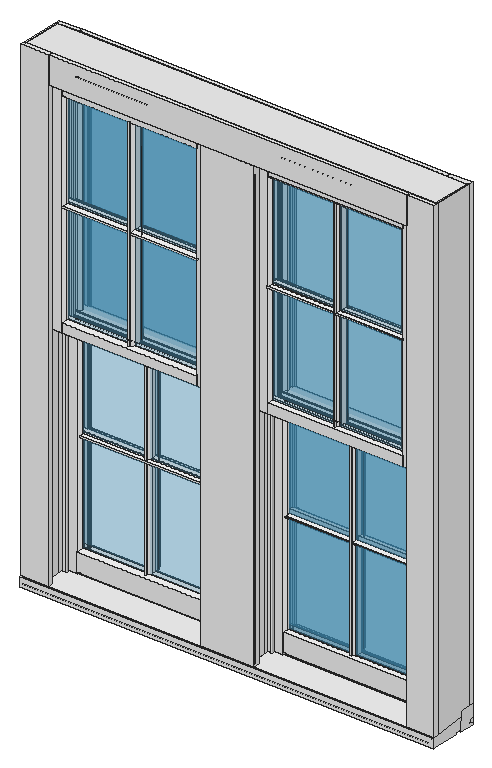
Revit family "B2-44", category Windows, host Wall, Revit 2012 (continued)
Forms (mm)
  Sweep 96, solid, material "Matel" <- "metal", detail levels fine
    profile origin (-374.1, 0, 694.5) x (0, 0, 1) y (0, -1, 0)
      loop
        line (10.277, -17.161) -> (2.828, -9.007) -> (2.828, -7.007) -> (-2.172, -7.007) -> (-2.172, -9.007) -> (-9.723, -19.961) -> (10.277, -19.961) -> (10.277, -17.161)
  Sweep 97, solid, material "Matel" <- "metal", detail levels fine
    path origin (-3978.79, 0, 685.091) x (0, 0, 1) y (1, 0, 0)
      loop
        line (9.409, 3351.835) -> (9.409, 3844.546)
    profile origin (-380.6, 0, 694.5) x (0, 0, 1) y (0, -1, 0)
      loop
        line (-9.723, -43.235) -> (10.277, -43.235) -> (10.277, -27.235) -> (-9.723, -27.235) -> (-9.723, -43.235)
  Sweep 98, solid, material "Matel" <- "metal", detail levels fine
    path origin (3978.79, 0, 685.091) x (0, 0, 1) y (-1, 0, 0)
      loop
        line (9.409, 3351.835) -> (9.409, 3844.546)
    profile origin (380.6, 0, 694.5) x (0, 0, -1) y (0, -1, 0)
      loop
        line (1.339, -43.235) -> (1.339, -27.235) -> (-18.661, -27.235) -> (-18.661, -43.235) -> (1.339, -43.235)
  Sweep 99, solid, material "Matel" <- "metal", detail levels fine
    path origin (-3230.591, 0, 685.091) x (0, 0, -1) y (1, 0, 0)
      loop
        line (-9.409, 3357.836) -> (-9.409, 3851.546)
    profile origin (374.1, 0, 694.5) x (0, 0, 1) y (0, -1, 0)
      loop
        line (10.277, -46.346) -> (-9.723, -46.346) -> (-9.723, -52.346) -> (-7.723, -52.346) -> (-7.723, -54.846) -> (-2.223, -62.346) -> (-2.223, -64.346) -> (2.777, -64.346) -> (2.777, -62.346) -> (8.277, -54.846) -> (8.277, -52.346) -> (10.277, -52.346) -> (10.277, -46.346)
      loop
        line (10.277, -17.161) -> (2.828, -9.007) -> (2.828, -7.007) -> (-2.172, -7.007) -> (-2.172, -9.007) -> (-9.723, -19.961) -> (10.277, -19.961) -> (10.277, -17.161)
Cuts and joins
  Sweep 90 cuts Sweep 4
  Sweep 90 cuts Sweep 5
  Sweep 90 cuts Sweep 6
  Sweep 90 cuts Sweep 7
  Sweep 90 cuts Sweep 8
  Sweep 90 cuts Sweep 9
  Sweep 90 cuts Sweep 10
  Sweep 90 cuts Sweep 14
  Sweep 90 cuts Sweep 15
  Sweep 90 cuts Sweep 16
  Sweep 90 cuts Sweep 17
  Sweep 90 cuts Sweep 18
  Sweep 90 cuts Sweep 19
  Sweep 90 cuts Sweep 20
  Sweep 90 cuts Sweep 23
  Sweep 90 cuts Sweep 43
  Sweep 90 cuts Sweep 44
  Sweep 90 cuts Sweep 45
  Sweep 90 cuts Sweep 46
  Sweep 90 cuts Sweep 47
  Sweep 90 cuts Sweep 50
  Sweep 90 cuts Sweep 52
  Sweep 90 cuts Sweep 54
  Sweep 90 cuts Sweep 57
  Sweep 90 cuts Sweep 79
  Sweep 90 cuts Sweep 80
  Sweep 90 cuts Sweep 81
  Sweep 90 cuts Sweep 82
  Sweep 90 cuts Sweep 83
Lines and regions (mm)
  Opening 1
    outline origin (-1524, -87, 0) x (1, 0, 0) y (0, 0, 1)
      loop
        line (771, 1970) -> (771, 200) -> (2277, 200) -> (2277, 1970) -> (771, 1970)
  model lines
    curve 1: line (-122.245, 0, 1085) -> (-627.205, 0, 1085)
    curve 2: line (-122.245, 0, 1085) -> (-627.205, 0, 1085)
Text (mm)
  text "EXTERIOR" at (-1490.695, 1293.036, 0), in view "Ref. Level"
  text "INTERIOR" at (-1490.695, -959.266, 0), in view "Ref. Level"
  text "Exterior" at (0, 1108.87, 3129.179), in view "Left"
  text "Exterior" at (0, 464.664, 3176.206), in view "Right"
Dimensions and locks
  equal spacing: plane 4 "Left", plane 3 "Center (Left/Right)", plane 5 "Right"  (x2)
  "Height": plane 6 "Sill" to plane 7 "Top"
  "Default Sill Height": plane 2 to plane 6 "Sill"
  plane 6 "Sill" to plane 7 "Top" = 1770 mm
  "Width": plane 4 "Left" to plane 5 "Right"
  equal spacing: plane 6 "Sill", plane 9, plane 7 "Top"
  locked: plane 4 "Left" to plane 11 at 100
  locked: plane 10 to plane 5 "Right" at 100
  locked: plane 13 to plane 5 "Right" at 126.045
  locked: plane 4 "Left" to plane 12 at 126.045
  locked: plane 14 to plane 7 "Top" at 126
  locked: plane 6 "Sill" to plane 15 at 126
  locked: plane 16 to plane 7 "Top" at 100
  locked: plane 6 "Sill" to plane 18 at 33
  locked: plane 19 to plane 7 "Top" at 82
  locked: plane 6 "Sill" to plane 20 at 68
  locked: plane 3 "Center (Left/Right)" to plane 21 at 68
  locked: plane 5 "Right" to plane 22 at 82
  locked: plane 3 "Center (Left/Right)" to plane 23 at 78
  plane 25 to plane 9 = 22 mm
  plane 9 to plane 24 = 22 mm
  Sweep 21 sketch curve to Sweep 21 sketch curve = 25 mm
  locked: Sweep 21 sketch curve to Sweep 21 sketch curve at 6  (x2)
  locked: Sweep 21 sketch curve to Sweep 21 sketch curve at 42
  Sweep 21 sketch curve to Sweep 21 sketch curve = 16 mm
  locked: Sweep 21 sketch curve to Sweep 21 sketch curve at 12
  locked: Sweep 21 sketch curve to Sweep 21 sketch curve at 2
  locked: Sweep 21 sketch curve to Sweep 21 sketch curve at 3  (x3)
  locked: Sweep 21 sketch curve to Sweep 21 sketch curve at 29
  locked: Sweep 21 sketch curve to Sweep 21 sketch curve at 10
  locked: Sweep 21 sketch curve to Sweep 21 sketch curve at 16
  locked: Sweep 21 sketch curve to Sweep 21 sketch curve at 19
  locked: Sweep 21 sketch curve to Sweep 21 sketch curve at 5
  locked: Sweep 21 sketch curve to Sweep 21 sketch curve at 4  (x2)
  locked: Sweep 22 sketch curve to Sweep 22 sketch curve at 2  (x3)
  locked: Sweep 22 sketch curve to Sweep 22 sketch curve at 12
  locked: Sweep 22 sketch curve to Sweep 22 sketch curve at 9.301  (x2)
  locked: Sweep 22 sketch curve to Sweep 22 sketch curve at 5  (x2)
  locked: Sweep 22 sketch curve to Sweep 22 sketch curve at 12.954
  locked: plane 3 "Center (Left/Right)" to plane 26 at 122.245
  locked: plane 3 "Center (Left/Right)" to plane 27 at 122.245
  locked: Sweep 26 sketch curve to Sweep 26 sketch curve at 2  (x3)
  locked: Sweep 26 sketch curve to Sweep 26 sketch curve at 12
  locked: Sweep 26 sketch curve to Sweep 26 sketch curve at 9.301  (x2)
  locked: Sweep 26 sketch curve to Sweep 26 sketch curve at 5  (x2)
  locked: Sweep 26 sketch curve to Sweep 26 sketch curve at 12.954
  locked: Sweep 29 sketch curve to Sweep 29 sketch curve at 2  (x3)
  locked: Sweep 29 sketch curve to Sweep 29 sketch curve at 12
  locked: Sweep 29 sketch curve to Sweep 29 sketch curve at 9.301  (x2)
  locked: Sweep 29 sketch curve to Sweep 29 sketch curve at 5  (x2)
  locked: Sweep 29 sketch curve to Sweep 29 sketch curve at 12.954
  locked: Sweep 30 sketch curve to Sweep 30 sketch curve at 2  (x3)
  locked: Sweep 30 sketch curve to Sweep 30 sketch curve at 12
  locked: Sweep 30 sketch curve to Sweep 30 sketch curve at 9.301  (x2)
  locked: Sweep 30 sketch curve to Sweep 30 sketch curve at 5  (x2)
  locked: Sweep 30 sketch curve to Sweep 30 sketch curve at 12.954
  equal spacing: plane 3 "Center (Left/Right)", plane 28, plane 4 "Left"
  locked: Extrusion 59 to Extrusion 59 at 4
  locked: Extrusion 60 to Extrusion 60 at 4
  locked: Extrusion 61 to Extrusion 61 at 4
  locked: Extrusion 62 to Extrusion 62 at 4
  locked: Extrusion 63 to Extrusion 63 at 4
  locked: Extrusion 64 to Extrusion 64 at 4
  locked: Extrusion 65 to Extrusion 65 at 4
  locked: Extrusion 66 to Extrusion 66 at 4
  locked: Extrusion 67 to Extrusion 67 at 4
  locked: Extrusion 68 to Extrusion 68 at 4
  locked: Extrusion 69 to Extrusion 69 at 4
  locked: Extrusion 70 to Extrusion 70 at 4
  locked: Extrusion 71 to Extrusion 71 at 4
  locked: Extrusion 72 to Extrusion 72 at 4
  locked: Extrusion 73 to Extrusion 73 at 4
  locked: Extrusion 74 to Extrusion 74 at 4
  locked: Extrusion 75 to Extrusion 75 at 4
  locked: Extrusion 76 to Extrusion 76 at 4
  locked: Extrusion 77 to Extrusion 77 at 4
  locked: Extrusion 78 to Extrusion 78 at 4
  locked: plane 30 to plane 7 "Top" at 86
  Sweep 87 sketch curve to Sweep 87 sketch curve = 25 mm
  locked: Sweep 87 sketch curve to Sweep 87 sketch curve at 6  (x2)
  locked: Sweep 87 sketch curve to Sweep 87 sketch curve at 42
  Sweep 87 sketch curve to Sweep 87 sketch curve = 16 mm
  locked: Sweep 87 sketch curve to Sweep 87 sketch curve at 12
  locked: Sweep 87 sketch curve to Sweep 87 sketch curve at 2
  locked: Sweep 87 sketch curve to Sweep 87 sketch curve at 3  (x3)
  locked: Sweep 87 sketch curve to Sweep 87 sketch curve at 29
  locked: Sweep 87 sketch curve to Sweep 87 sketch curve at 10
  locked: Sweep 87 sketch curve to Sweep 87 sketch curve at 16
  locked: Sweep 87 sketch curve to Sweep 87 sketch curve at 19
  locked: Sweep 87 sketch curve to Sweep 87 sketch curve at 5
  locked: Sweep 87 sketch curve to Sweep 87 sketch curve at 4  (x2)
  Sweep 12 to Sweep 26 sketch curve = 23.632 mm
  equal spacing: plane 27, plane 29, plane 13
  locked: Sweep 92 sketch curve to Sweep 92 sketch curve at 2  (x3)
  locked: Sweep 92 sketch curve to Sweep 92 sketch curve at 12
  locked: Sweep 92 sketch curve to Sweep 92 sketch curve at 9.301  (x2)
  locked: Sweep 92 sketch curve to Sweep 92 sketch curve at 5  (x2)
  locked: Sweep 92 sketch curve to Sweep 92 sketch curve at 12.954
  equal spacing: plane 24, plane 31, plane 14
  equal spacing: plane 15, plane 32, plane 25
  locked: Sweep 95 sketch curve to Sweep 95 sketch curve at 2  (x3)
  locked: Sweep 95 sketch curve to Sweep 95 sketch curve at 12
  locked: Sweep 95 sketch curve to Sweep 95 sketch curve at 9.301  (x2)
  locked: Sweep 95 sketch curve to Sweep 95 sketch curve at 5  (x2)
  locked: Sweep 95 sketch curve to Sweep 95 sketch curve at 12.954
  locked: Sweep 96 sketch curve to Sweep 96 sketch curve at 2  (x3)
  locked: Sweep 96 sketch curve to Sweep 96 sketch curve at 12
  locked: Sweep 96 sketch curve to Sweep 96 sketch curve at 9.301  (x2)
  locked: Sweep 96 sketch curve to Sweep 96 sketch curve at 5  (x2)
  locked: Sweep 96 sketch curve to Sweep 96 sketch curve at 12.954
  locked: Sweep 99 sketch curve to Sweep 99 sketch curve at 2  (x3)
  locked: Sweep 99 sketch curve to Sweep 99 sketch curve at 12
  locked: Sweep 99 sketch curve to Sweep 99 sketch curve at 9.301  (x2)
  locked: Sweep 99 sketch curve to Sweep 99 sketch curve at 5  (x2)
  locked: Sweep 99 sketch curve to Sweep 99 sketch curve at 12.954
  radius of Sweep 21 sketch curve = 8 mm
  radius of Sweep 87 sketch curve = 8 mm
  aligned and locked: plane 7 "Top" to Opening 1 sketch curve
  aligned and locked: plane 6 "Sill" to Opening 1 sketch curve  (x2)
  aligned and locked: plane 5 "Right" to Opening 1 sketch curve
  aligned and locked: plane 4 "Left" to Opening 1 sketch curve
  aligned and locked: level to plane 2
  aligned and locked: plane 7 "Top" to Sweep 2 sketch curve
  aligned and locked: plane 7 "Top" to Sweep 3 sketch curve
  aligned and locked: plane 7 "Top" to Sweep 1 sketch curve
  aligned and locked: plane 10 to Sweep 3 sketch curve
  aligned and locked: plane 11 to Sweep 3 sketch curve
  aligned and locked: Sweep 4 sketch curve to plane 5 "Right"
  aligned and locked: plane 6 "Sill" to Sweep 4 sketch curve
  aligned and locked: Sweep 5 sketch curve to plane 5 "Right"
  aligned and locked: plane 6 "Sill" to Sweep 5 sketch curve
  aligned and locked: Sweep 7 sketch curve to plane 4 "Left"
  aligned and locked: plane 6 "Sill" to Sweep 7 sketch curve
  aligned and locked: Sweep 6 sketch curve to plane 4 "Left"
  aligned and locked: plane 7 "Top" to Sweep 6 sketch curve
  aligned and locked: plane 6 "Sill" to Sweep 6 sketch curve
  aligned and locked: plane 5 "Right" to Sweep 8 sketch curve
  aligned and locked: plane 6 "Sill" to Sweep 8 sketch curve
  aligned and locked: plane 5 "Right" to Sweep 9 sketch curve
  aligned and locked: plane 6 "Sill" to Sweep 9 sketch curve
  aligned and locked: plane 6 "Sill" to Sweep 10 sketch curve
  aligned and locked: plane 4 "Left" to Sweep 10 sketch curve
  aligned and locked: plane 5 "Right" to Sweep 11 sketch curve
  aligned and locked: plane 4 "Left" to Sweep 11 sketch curve
  aligned and locked: plane 5 "Right" to Sweep 12 sketch curve
  aligned and locked: plane 4 "Left" to Sweep 12 sketch curve
  aligned and locked: plane 7 "Top" to Sweep 13 sketch curve
  aligned and locked: plane 16 to Sweep 14 sketch curve
  aligned and locked: plane 3 "Center (Left/Right)" to Sweep 14 sketch curve
  aligned and locked: plane 18 to Sweep 14 sketch curve
  aligned and locked: plane 3 "Center (Left/Right)" to Sweep 15 sketch curve
  aligned and locked: plane 16 to Sweep 15 sketch curve
  aligned and locked: plane 18 to Sweep 15 sketch curve
  aligned and locked: plane 3 "Center (Left/Right)" to Sweep 16 sketch curve
  aligned and locked: plane 16 to Sweep 16 sketch curve
  aligned and locked: plane 18 to Sweep 16 sketch curve
  aligned and locked: plane 3 "Center (Left/Right)" to Sweep 17 sketch curve
  aligned and locked: plane 18 to Sweep 17 sketch curve
  aligned and locked: plane 16 to Sweep 17 sketch curve
  aligned and locked: plane 3 "Center (Left/Right)" to Sweep 18 sketch curve
  aligned and locked: plane 16 to Sweep 18 sketch curve
  aligned and locked: plane 18 to Sweep 18 sketch curve
  aligned and locked: Sweep 19 sketch curve to plane 19
  aligned and locked: plane 20 to Sweep 19 sketch curve
  aligned and locked: plane 19 to Sweep 20 sketch curve
  aligned and locked: Sweep 20 sketch curve to plane 23
  aligned and locked: plane 22 to Sweep 20 sketch curve
  aligned and locked: Sweep 20 sketch curve to plane 20
  aligned and locked: Sweep 21 sketch curve to plane 24
  aligned and locked: plane 9 to curve 2
  aligned and locked: Sweep 22 sketch curve to Sweep 22 sketch curve
  aligned and locked: plane 4 "Left" to Sweep 23 sketch curve
  aligned and locked: plane 6 "Sill" to Sweep 23 sketch curve
  aligned and locked: plane 13 to Sweep 24 sketch curve
  aligned and locked: plane 26 to Sweep 25 sketch curve
  aligned and locked: plane 12 to Sweep 25 sketch curve
  aligned and locked: Sweep 25 sketch curve to plane 16
  aligned and locked: Sweep 22 sketch curve to plane 28
  aligned and locked: Sweep 26 sketch curve to Sweep 26 sketch curve
  aligned and locked: Sweep 26 sketch curve to plane 29
  aligned and locked: Sweep 27 sketch curve to plane 20
  aligned and locked: Sweep 28 sketch curve to plane 20
  aligned and locked: Sweep 29 sketch curve to Sweep 29 sketch curve
  aligned and locked: Sweep 30 sketch curve to Sweep 30 sketch curve
  aligned and locked: plane 14 to Sweep 31 sketch curve
  aligned and locked: plane 24 to Sweep 31 sketch curve
  aligned and locked: plane 29 to Sweep 31 sketch curve
  aligned and locked: plane 14 to Sweep 32 sketch curve
  aligned and locked: Sweep 32 sketch curve to plane 28
  aligned and locked: plane 24 to Sweep 32 sketch curve
  aligned and locked: Sweep 33 sketch curve to plane 29
  aligned and locked: plane 25 to Sweep 33 sketch curve
  aligned and locked: plane 15 to Sweep 33 sketch curve
  aligned and locked: plane 28 to Sweep 34 sketch curve
  aligned and locked: plane 15 to Sweep 34 sketch curve
  aligned and locked: plane 25 to Sweep 34 sketch curve
  aligned and locked: Sweep 28 to Sweep 30 sketch curve
  aligned and locked: plane 15 to Sweep 29 sketch curve
  aligned and locked: Sweep 35 sketch curve to plane 28
  aligned and locked: plane 14 to Sweep 35 sketch curve
  aligned and locked: plane 16 to Sweep 36 sketch curve
  aligned and locked: plane 9 to Sweep 36 sketch curve
  aligned and locked: Sweep 36 sketch curve to plane 22
  aligned and locked: plane 16 to Sweep 37 sketch curve
  aligned and locked: plane 22 to Sweep 37 sketch curve
  aligned and locked: plane 23 to Sweep 38 sketch curve
  aligned and locked: plane 9 to Sweep 38 sketch curve
  aligned and locked: plane 16 to Sweep 38 sketch curve
  aligned and locked: plane 21 to Sweep 39 sketch curve
  aligned and locked: plane 16 to Sweep 39 sketch curve
  aligned and locked: plane 21 to Sweep 40 sketch curve
  aligned and locked: plane 16 to Sweep 41 sketch curve
  aligned and locked: plane 9 to Sweep 41 sketch curve
  aligned and locked: plane 16 to Sweep 42 sketch curve
  aligned and locked: Sweep 43 sketch curve to plane 22
  aligned and locked: plane 9 to Sweep 43 sketch curve
  aligned and locked: plane 6 "Sill" to Sweep 43 sketch curve
  aligned and locked: plane 6 "Sill" to Sweep 44 sketch curve
  aligned and locked: plane 9 to Sweep 44 sketch curve
  aligned and locked: Sweep 44 sketch curve to plane 23
  aligned and locked: Sweep 45 sketch curve to plane 21
  aligned and locked: plane 6 "Sill" to Sweep 45 sketch curve
  aligned and locked: plane 9 to Sweep 45 sketch curve
  aligned and locked: plane 6 "Sill" to Sweep 46 sketch curve
  aligned and locked: plane 9 to Sweep 46 sketch curve
  aligned and locked: plane 16 to Sweep 24 sketch curve
  aligned and locked: plane 9 to Sweep 24 sketch curve
  aligned and locked: plane 6 "Sill" to Sweep 47 sketch curve
  aligned and locked: plane 9 to Sweep 47 sketch curve
  aligned and locked: plane 16 to Sweep 48 sketch curve
  aligned and locked: plane 13 to Sweep 48 sketch curve
  aligned and locked: plane 9 to Sweep 48 sketch curve
  aligned and locked: Sweep 49 sketch curve to plane 27
  aligned and locked: plane 16 to Sweep 49 sketch curve
  aligned and locked: plane 9 to Sweep 49 sketch curve
  aligned and locked: Sweep 50 sketch curve to plane 27
  aligned and locked: plane 6 "Sill" to Sweep 50 sketch curve
  aligned and locked: plane 9 to Sweep 50 sketch curve
  aligned and locked: plane 14 to Sweep 51 sketch curve
  aligned and locked: plane 9 to Sweep 51 sketch curve
  aligned and locked: Sweep 51 sketch curve to plane 27
  aligned and locked: plane 6 "Sill" to Sweep 52 sketch curve
  aligned and locked: plane 9 to Sweep 52 sketch curve
  aligned and locked: Sweep 52 sketch curve to plane 27
  aligned and locked: plane 9 to Sweep 53 sketch curve
  aligned and locked: plane 16 to Sweep 53 sketch curve
  aligned and locked: plane 26 to Sweep 53 sketch curve
  aligned and locked: plane 26 to Sweep 54 sketch curve
  aligned and locked: plane 6 "Sill" to Sweep 54 sketch curve
  aligned and locked: plane 9 to Sweep 54 sketch curve
  aligned and locked: plane 16 to Sweep 55 sketch curve
  aligned and locked: plane 9 to Sweep 55 sketch curve
  aligned and locked: plane 26 to Sweep 55 sketch curve
  aligned and locked: plane 16 to Sweep 56 sketch curve
  aligned and locked: Sweep 56 sketch curve to plane 12
  aligned and locked: plane 9 to Sweep 56 sketch curve
  aligned and locked: plane 6 "Sill" to Sweep 57 sketch curve
  aligned and locked: plane 9 to Sweep 57 sketch curve
  aligned and locked: Sweep 57 sketch curve to plane 12
  aligned and locked: plane 16 to Sweep 58 sketch curve
  aligned and locked: plane 9 to Sweep 58 sketch curve
  aligned and locked: Sweep 58 sketch curve to plane 12
  aligned and locked: plane 10 to Extrusion 59 sketch curve
  aligned and locked: plane 9 to Extrusion 59 sketch curve
  aligned and locked: Extrusion 59 sketch curve to plane 14
  aligned and locked: Extrusion 59 sketch curve to plane 27
  aligned and locked: Extrusion 60 to Sweep 51
  aligned and locked: plane 10 to Extrusion 60 sketch curve
  aligned and locked: Extrusion 60 sketch curve to plane 14
  aligned and locked: Extrusion 60 sketch curve to plane 27
  aligned and locked: plane 9 to Extrusion 60 sketch curve
  aligned and locked: Extrusion 61 to Sweep 49
  aligned and locked: plane 26 to Extrusion 68 sketch curve
  aligned and locked: plane 14 to Extrusion 68 sketch curve
  aligned and locked: plane 12 to Extrusion 68 sketch curve
  aligned and locked: Extrusion 68 sketch curve to plane 9
  aligned and locked: plane 15 to Extrusion 69 sketch curve
  aligned and locked: Extrusion 69 sketch curve to plane 13
  aligned and locked: Extrusion 69 sketch curve to plane 9
  aligned and locked: Extrusion 69 sketch curve to plane 27
  aligned and locked: plane 16 to Sweep 8 sketch curve
  aligned and locked: plane 16 to Sweep 9 sketch curve
  aligned and locked: plane 16 to Sweep 5 sketch curve
  aligned and locked: plane 16 to Sweep 10 sketch curve
  aligned and locked: plane 16 to Sweep 23 sketch curve
  aligned and locked: plane 16 to Sweep 7 sketch curve
  aligned and locked: Sweep 19 sketch curve to Sweep 14
  aligned and locked: plane 11 to Sweep 1 sketch curve
  aligned and locked: plane 7 "Top" to Sweep 81 sketch curve
  aligned and locked: plane 7 "Top" to Sweep 79 sketch curve
  aligned and locked: plane 7 "Top" to Sweep 80 sketch curve
  aligned and locked: plane 7 "Top" to Sweep 4 sketch curve
  aligned and locked: Sweep 84 sketch curve to Sweep 81
  aligned and locked: plane 22 to Sweep 84 sketch curve
  aligned and locked: plane 7 "Top" to Sweep 84 sketch curve
  aligned and locked: plane 25 to Sweep 42 sketch curve
  aligned and locked: plane 25 to Sweep 40 sketch curve
  aligned and locked: plane 16 to Sweep 40 sketch curve
  aligned and locked: plane 25 to Sweep 37 sketch curve
  aligned and locked: plane 12 to Sweep 88 sketch curve
  aligned and locked: plane 9 to Sweep 89 sketch curve
  aligned and locked: plane 13 to Sweep 89 sketch curve
  aligned and locked: Sweep 86 to Sweep 26 sketch curve
  aligned and locked: Sweep 25 to Sweep 22 sketch curve
  aligned and locked: Sweep 91 to Sweep 87 sketch curve
  aligned and locked: plane 7 "Top" to Sweep 82 sketch curve
  aligned and locked: plane 7 "Top" to Sweep 83 sketch curve
  aligned and locked: Sweep 92 sketch curve to Sweep 92 sketch curve
  aligned and locked: plane 31 to Sweep 92 sketch curve
  aligned and locked: plane 31 to Sweep 93 sketch curve
  aligned and locked: Sweep 53 to Sweep 93 sketch curve
  aligned and locked: plane 12 to Sweep 93 sketch curve
  aligned and locked: Sweep 42 to Sweep 92 sketch curve
  aligned and locked: Sweep 92 sketch curve to Sweep 53
  aligned and locked: Sweep 95 sketch curve to Sweep 95 sketch curve
  aligned and locked: plane 31 to Sweep 95 sketch curve
  aligned and locked: Sweep 96 sketch curve to Sweep 96 sketch curve
  aligned and locked: Sweep 99 sketch curve to Sweep 99 sketch curve
  aligned and locked: plane 32 to Sweep 99 sketch curve
  aligned and locked: plane 32 to Sweep 97 sketch curve
  aligned and locked: cut or joined group of Sweep 54, Sweep 90 to Sweep 97 sketch curve
  aligned and locked: Extrusion 77 to Sweep 97 sketch curve
  aligned and locked: Sweep 98 sketch curve to plane 32
  aligned and locked: Extrusion 70 to Sweep 98 sketch curve
  aligned and locked: cut or joined group of Sweep 52, Sweep 90 to Sweep 98 sketch curve
  aligned and locked: plane 32 to Sweep 96 sketch curve
  aligned and locked: cut or joined group of Sweep 54, Sweep 90 to Sweep 96 sketch curve
  aligned and locked: cut or joined group of Sweep 46, Sweep 90 to Sweep 96 sketch curve
Automatic sketch dimensions
  Sweep 1 sketch curve to plane 10 = 0.079 mm
  Sweep 1 sketch curve to profile plane = 0 mm
  Sweep 1 sketch curve to profile plane = 6 mm
  Sweep 1 sketch curve to Sweep 1 sketch curve = 59 mm
  Sweep 1 sketch curve to Sweep 1 sketch curve = 8 mm
  Sweep 1 sketch curve to Sweep 1 sketch curve = 9 mm
  Sweep 1 sketch curve to Sweep 1 sketch curve = 6 mm
  Sweep 1 sketch curve to Sweep 1 sketch curve = 2.25 mm  (x2)
  Sweep 1 sketch curve to Sweep 1 sketch curve = 0 mm  (x10)
  Sweep 1 sketch curve to Sweep 1 sketch curve = 0.996 mm  (x5)
  Sweep 1 sketch curve to Sweep 1 sketch curve = 0.254 mm
  Sweep 1 sketch curve to Sweep 1 sketch curve = 0.508 mm  (x3)
  Sweep 1 sketch curve to Sweep 1 sketch curve = 5 mm  (x3)
  plane 1 "Center (Front/Back)" to Sweep 1 sketch curve = 67 mm
  Sweep 1 sketch curve to Sweep 1 sketch curve = 3 mm
  Sweep 1 sketch curve to Sweep 1 sketch curve = 0.456 mm  (x2)
  Sweep 1 sketch curve to Sweep 1 sketch curve = 0.819 mm
  Sweep 1 sketch curve to Sweep 1 sketch curve = 0.836 mm  (x2)
  Sweep 1 sketch curve to Sweep 1 sketch curve = 1.712 mm
  Sweep 1 sketch curve to Sweep 1 sketch curve = 13 mm
  Sweep 2 sketch curve to plane 4 "Left" = 5.921 mm
  plane 5 "Right" to Sweep 2 sketch curve = 5.921 mm
  Sweep 2 sketch curve to profile plane = 0 mm
  Sweep 2 sketch curve to profile plane = 6 mm
  Sweep 2 sketch curve to plane 1 "Center (Front/Back)" = 72 mm
  plane 1 "Center (Front/Back)" to Sweep 2 sketch curve = 72 mm
  Sweep 3 sketch curve to profile plane = 6 mm
  Sweep 3 sketch curve to Sweep 3 sketch curve = 59 mm  (x2)
  Sweep 3 sketch curve to Sweep 3 sketch curve = 8 mm  (x2)
  plane 1 "Center (Front/Back)" to Sweep 3 sketch curve = 4 mm
  Sweep 3 sketch curve to Sweep 3 sketch curve = 2 mm
  Sweep 3 sketch curve to Sweep 3 sketch curve = 7 mm
  Sweep 3 sketch curve to Sweep 3 sketch curve = 9 mm
  Sweep 3 sketch curve to plane 1 "Center (Front/Back)" = 4 mm
  Sweep 3 sketch curve to plane 1 "Center (Front/Back)" = 67 mm
  Sweep 3 sketch curve to Sweep 3 sketch curve = 0 mm  (x2)
  Sweep 3 sketch curve to Sweep 3 sketch curve = 5 mm  (x2)
  Sweep 3 sketch curve to Sweep 3 sketch curve = 63 mm
  profile plane to Sweep 4 sketch curve = 5.921 mm
  plane 1 "Center (Front/Back)" to Sweep 4 sketch curve = 72 mm
  Sweep 4 sketch curve to profile plane = 0.079 mm
  Sweep 4 sketch curve to Sweep 4 sketch curve = 0 mm  (x2)
  Sweep 4 sketch curve to Sweep 4 sketch curve = 15 mm
  Sweep 4 sketch curve to Sweep 4 sketch curve = 59.079 mm
  Sweep 4 sketch curve to Sweep 4 sketch curve = 34.921 mm
  Sweep 5 sketch curve to plane 1 "Center (Front/Back)" = 72 mm
  Sweep 5 sketch curve to Sweep 5 sketch curve = 5 mm  (x3)
  plane 1 "Center (Front/Back)" to Sweep 5 sketch curve = 67 mm
  Sweep 5 sketch curve to Sweep 5 sketch curve = 0 mm
  profile plane to Sweep 5 sketch curve = 82 mm
  Sweep 5 sketch curve to Sweep 5 sketch curve = 9 mm  (x3)
  Sweep 5 sketch curve to Sweep 5 sketch curve = 8 mm  (x2)
  Sweep 6 sketch curve to profile plane = 5.921 mm
  Sweep 6 sketch curve to plane 1 "Center (Front/Back)" = 72 mm
  profile plane to Sweep 6 sketch curve = 0.079 mm
  plane 1 "Center (Front/Back)" to Sweep 6 sketch curve = 72 mm
  Sweep 7 sketch curve to plane 1 "Center (Front/Back)" = 72 mm
  Sweep 7 sketch curve to Sweep 7 sketch curve = 5 mm  (x3)
  plane 1 "Center (Front/Back)" to Sweep 7 sketch curve = 67 mm
  Sweep 7 sketch curve to Sweep 7 sketch curve = 0 mm
  Sweep 7 sketch curve to profile plane = 56 mm
  Sweep 7 sketch curve to Sweep 7 sketch curve = 9 mm  (x3)
  Sweep 7 sketch curve to Sweep 7 sketch curve = 8 mm  (x2)
  Sweep 8 sketch curve to plane 1 "Center (Front/Back)" = 1.319 mm
  Sweep 8 sketch curve to profile plane = 7.159 mm
  Sweep 8 sketch curve to profile plane = 8.659 mm  (x2)
  Sweep 8 sketch curve to profile plane = 31.159 mm  (x2)
  Sweep 8 sketch curve to Sweep 8 sketch curve = 22.5 mm  (x6)
  plane 1 "Center (Front/Back)" to Sweep 8 sketch curve = 1.681 mm
  Sweep 8 sketch curve to Sweep 8 sketch curve = 1.5 mm
  Sweep 8 sketch curve to plane 1 "Center (Front/Back)" = 3.819 mm
  Sweep 8 sketch curve to Sweep 8 sketch curve = 20 mm
  Sweep 8 sketch curve to Sweep 8 sketch curve = 7 mm
  Sweep 8 sketch curve to Sweep 8 sketch curve = 14 mm
  Sweep 8 sketch curve to Sweep 8 sketch curve = 11.5 mm  (x2)
  plane 1 "Center (Front/Back)" to Sweep 8 sketch curve = 0.181 mm
  Sweep 9 sketch curve to profile plane = 34 mm  (x2)
  Sweep 9 sketch curve to plane 1 "Center (Front/Back)" = 21.284 mm
  Sweep 9 sketch curve to Sweep 9 sketch curve = 45 mm  (x2)
  Sweep 9 sketch curve to Sweep 9 sketch curve = 0 mm  (x2)
  Sweep 9 sketch curve to Sweep 9 sketch curve = 3 mm  (x2)
  Sweep 9 sketch curve to plane 1 "Center (Front/Back)" = 27.784 mm
  Sweep 9 sketch curve to Sweep 9 sketch curve = 16 mm  (x2)
  Sweep 9 sketch curve to Sweep 9 sketch curve = 6.5 mm  (x2)
  plane 1 "Center (Front/Back)" to Sweep 9 sketch curve = 20.716 mm
  plane 1 "Center (Front/Back)" to Sweep 9 sketch curve = 27.216 mm
  Sweep 10 sketch curve to plane 1 "Center (Front/Back)" = 3.819 mm
  profile plane to Sweep 10 sketch curve = 96.159 mm
  Sweep 10 sketch curve to Sweep 10 sketch curve = 14 mm
  plane 1 "Center (Front/Back)" to Sweep 10 sketch curve = 4.181 mm
  Sweep 10 sketch curve to Sweep 10 sketch curve = 7 mm
  plane 1 "Center (Front/Back)" to Sweep 10 sketch curve = 1.681 mm
  Sweep 10 sketch curve to Sweep 10 sketch curve = 20 mm
  profile plane to Sweep 10 sketch curve = 53.659 mm  (x2)
  profile plane to Sweep 10 sketch curve = 31.159 mm  (x2)
  profile plane to Sweep 10 sketch curve = 8.659 mm  (x2)
  Sweep 10 sketch curve to plane 1 "Center (Front/Back)" = 1.319 mm
  profile plane to Sweep 10 sketch curve = 7.159 mm
  Sweep 10 sketch curve to Sweep 10 sketch curve = 11.5 mm  (x2)
  Sweep 10 sketch curve to Sweep 10 sketch curve = 22.5 mm  (x4)
  Sweep 11 sketch curve to plane 6 "Sill" = 0 mm
  Sweep 11 sketch curve to profile plane = 0 mm
  Sweep 11 sketch curve to Sweep 11 sketch curve = 10 mm  (x3)
  profile plane to Sweep 11 sketch curve = 33 mm
  Sweep 11 sketch curve to Sweep 11 sketch curve = 15 mm
  Sweep 11 sketch curve to Sweep 11 sketch curve = 4.913 mm  (x2)
  Sweep 11 sketch curve to Sweep 11 sketch curve = 3 mm
  Sweep 11 sketch curve to Sweep 11 sketch curve = 4.175 mm
  Sweep 11 sketch curve to plane 1 "Center (Front/Back)" = 87 mm
  Sweep 11 sketch curve to Sweep 11 sketch curve = 0 mm
  Sweep 11 sketch curve to Sweep 11 sketch curve = 20 mm
  Sweep 11 sketch curve to plane 1 "Center (Front/Back)" = 38 mm
  Sweep 11 sketch curve to Sweep 11 sketch curve = 5 mm
  Sweep 11 sketch curve to plane 1 "Center (Front/Back)" = 33 mm
  Sweep 12 sketch curve to plane 6 "Sill" = 0 mm
  Sweep 12 sketch curve to profile plane = 0 mm  (x2)
  Sweep 12 sketch curve to Sweep 12 sketch curve = 2 mm  (x2)
  Sweep 12 sketch curve to Sweep 12 sketch curve = 5 mm  (x3)
  Sweep 12 sketch curve to Sweep 12 sketch curve = 28.121 mm
  Sweep 12 sketch curve to Sweep 12 sketch curve = 28 mm
  Sweep 12 sketch curve to Sweep 12 sketch curve = 2.978 mm
  Sweep 12 sketch curve to Sweep 12 sketch curve = 15 mm
  Sweep 12 sketch curve to plane 1 "Center (Front/Back)" = 38 mm
  Sweep 12 sketch curve to plane 1 "Center (Front/Back)" = 13 mm
  plane 1 "Center (Front/Back)" to Sweep 12 sketch curve = 80 mm
  Sweep 12 sketch curve to Sweep 12 sketch curve = 3 mm
  Sweep 12 sketch curve to Sweep 12 sketch curve = 0.366 mm
  Sweep 13 sketch curve to plane 12 = 6 mm
  Sweep 13 sketch curve to plane 26 = 5.993 mm
  Sweep 13 sketch curve to profile plane = 3.819 mm
  Sweep 13 sketch curve to profile plane = 75 mm
  Sweep 13 sketch curve to Sweep 13 sketch curve = 7 mm
  Sweep 13 sketch curve to Sweep 13 sketch curve = 10.983 mm
  Sweep 13 sketch curve to Sweep 13 sketch curve = 0 mm
  Sweep 13 sketch curve to Sweep 13 sketch curve = 3 mm  (x3)
  Sweep 13 sketch curve to Sweep 13 sketch curve = 6 mm  (x2)
  Sweep 13 sketch curve to Sweep 13 sketch curve = 7.017 mm
  profile plane to Sweep 13 sketch curve = 5.47 mm
  Sweep 13 sketch curve to Sweep 13 sketch curve = 29.983 mm
  profile plane to Sweep 13 sketch curve = 65.47 mm
  profile plane to Sweep 13 sketch curve = 55.47 mm
  Sweep 13 sketch curve to Sweep 13 sketch curve = 10 mm
  profile plane to Sweep 13 sketch curve = 0.181 mm
  Sweep 13 sketch curve to Sweep 13 sketch curve = 5 mm
  Sweep 13 sketch curve to Sweep 13 sketch curve = 12 mm
  Sweep 14 sketch curve to profile plane = 87 mm
  Sweep 14 sketch curve to Sweep 14 sketch curve = 15 mm  (x4)
  Sweep 14 sketch curve to Sweep 14 sketch curve = 5 mm  (x7)
  profile plane to Sweep 14 sketch curve = 67 mm
  Sweep 14 sketch curve to Sweep 14 sketch curve = 0 mm  (x10)
  Sweep 14 sketch curve to Sweep 14 sketch curve = 3 mm  (x3)
  Sweep 14 sketch curve to Sweep 14 sketch curve = 0.391 mm  (x2)
  Sweep 14 sketch curve to Sweep 14 sketch curve = 0.41 mm  (x2)
  Sweep 14 sketch curve to Sweep 14 sketch curve = 0.8 mm  (x2)
  Sweep 14 sketch curve to Sweep 14 sketch curve = 1.08 mm
  Sweep 14 sketch curve to Sweep 14 sketch curve = 0.69 mm
  Sweep 14 sketch curve to Sweep 14 sketch curve = 1.099 mm
  Sweep 14 sketch curve to Sweep 14 sketch curve = 1.07 mm  (x3)
  Sweep 14 sketch curve to Sweep 14 sketch curve = 1.44 mm  (x2)
  Sweep 14 sketch curve to Sweep 14 sketch curve = 13 mm
  profile plane to Sweep 14 sketch curve = 96.266 mm
  Sweep 14 sketch curve to Sweep 14 sketch curve = 2.25 mm  (x4)
  Sweep 14 sketch curve to Sweep 14 sketch curve = 0.009 mm
  Sweep 14 sketch curve to Sweep 14 sketch curve = 0.056 mm
  Sweep 14 sketch curve to Sweep 14 sketch curve = 0.672 mm
  Sweep 14 sketch curve to Sweep 14 sketch curve = 0.919 mm  (x4)
  Sweep 14 sketch curve to Sweep 14 sketch curve = 0.854 mm  (x4)
  Sweep 14 sketch curve to Sweep 14 sketch curve = 0.663 mm  (x4)
  Sweep 14 sketch curve to Sweep 14 sketch curve = 0.86 mm  (x2)
  Sweep 14 sketch curve to Sweep 14 sketch curve = 0.724 mm  (x2)
  Sweep 14 sketch curve to Sweep 14 sketch curve = 0.907 mm  (x2)
  profile plane to Sweep 14 sketch curve = 78.266 mm
  Sweep 14 sketch curve to Sweep 14 sketch curve = 9 mm  (x4)
  Sweep 14 sketch curve to Sweep 14 sketch curve = 8 mm  (x4)
  Sweep 14 sketch curve to profile plane = 3.733 mm
  Sweep 14 sketch curve to profile plane = 52.266 mm
  Sweep 14 sketch curve to Sweep 14 sketch curve = 57.533 mm
  Sweep 14 sketch curve to Sweep 14 sketch curve = 0.004 mm
  Sweep 14 sketch curve to Sweep 14 sketch curve = 0.008 mm
  Sweep 14 sketch curve to Sweep 14 sketch curve = 0.046 mm
  Sweep 14 sketch curve to Sweep 14 sketch curve = 0.91 mm
  Sweep 15 sketch curve to plane 1 "Center (Front/Back)" = 72 mm  (x2)
  Sweep 15 sketch curve to Sweep 15 sketch curve = 5 mm  (x6)
  plane 1 "Center (Front/Back)" to Sweep 15 sketch curve = 67 mm  (x2)
  Sweep 15 sketch curve to Sweep 15 sketch curve = 0 mm  (x2)
  profile plane to Sweep 15 sketch curve = 78.266 mm
  Sweep 15 sketch curve to Sweep 15 sketch curve = 9 mm  (x6)
  Sweep 15 sketch curve to Sweep 15 sketch curve = 8 mm  (x4)
  Sweep 15 sketch curve to profile plane = 52.266 mm
  Sweep 16 sketch curve to plane 1 "Center (Front/Back)" = 57.309 mm
  Sweep 16 sketch curve to Sweep 16 sketch curve = 22.5 mm  (x5)
  profile plane to Sweep 16 sketch curve = 4.79 mm  (x2)
  Sweep 16 sketch curve to plane 1 "Center (Front/Back)" = 12.309 mm
  Sweep 16 sketch curve to plane 1 "Center (Front/Back)" = 3.309 mm
  Sweep 16 sketch curve to plane 1 "Center (Front/Back)" = 0.809 mm
  plane 1 "Center (Front/Back)" to Sweep 16 sketch curve = 0.691 mm
  plane 1 "Center (Front/Back)" to Sweep 16 sketch curve = 2.191 mm
  Sweep 16 sketch curve to Sweep 16 sketch curve = 11.5 mm
  profile plane to Sweep 16 sketch curve = 27.29 mm  (x2)
  Sweep 16 sketch curve to Sweep 16 sketch curve = 1.5 mm
  Sweep 16 sketch curve to Sweep 16 sketch curve = 20 mm
  Sweep 16 sketch curve to Sweep 16 sketch curve = 7 mm
  Sweep 16 sketch curve to Sweep 16 sketch curve = 14 mm
  profile plane to Sweep 16 sketch curve = 3.29 mm
  Sweep 17 sketch curve to plane 1 "Center (Front/Back)" = 57.309 mm
  Sweep 17 sketch curve to Sweep 17 sketch curve = 22.5 mm  (x5)
  Sweep 17 sketch curve to profile plane = 4.79 mm  (x2)
  Sweep 17 sketch curve to plane 1 "Center (Front/Back)" = 12.309 mm
  Sweep 17 sketch curve to plane 1 "Center (Front/Back)" = 3.309 mm
  Sweep 17 sketch curve to plane 1 "Center (Front/Back)" = 0.809 mm
  plane 1 "Center (Front/Back)" to Sweep 17 sketch curve = 0.691 mm
  plane 1 "Center (Front/Back)" to Sweep 17 sketch curve = 2.191 mm
  Sweep 17 sketch curve to Sweep 17 sketch curve = 11.5 mm
  Sweep 17 sketch curve to profile plane = 3.29 mm
  Sweep 17 sketch curve to profile plane = 27.29 mm  (x2)
  Sweep 17 sketch curve to Sweep 17 sketch curve = 1.5 mm
  Sweep 17 sketch curve to Sweep 17 sketch curve = 20 mm
  Sweep 17 sketch curve to Sweep 17 sketch curve = 7 mm
  Sweep 17 sketch curve to Sweep 17 sketch curve = 14 mm
  Sweep 18 sketch curve to plane 1 "Center (Front/Back)" = 49.017 mm  (x2)
  Sweep 18 sketch curve to plane 1 "Center (Front/Back)" = 42.517 mm
  Sweep 18 sketch curve to Sweep 18 sketch curve = 6.5 mm  (x6)
  Sweep 18 sketch curve to Sweep 18 sketch curve = 16 mm  (x4)
  plane 1 "Center (Front/Back)" to Sweep 18 sketch curve = 21.983 mm  (x2)
  plane 1 "Center (Front/Back)" to Sweep 18 sketch curve = 28.483 mm
  profile plane to Sweep 18 sketch curve = 78.266 mm
  Sweep 18 sketch curve to Sweep 18 sketch curve = 0 mm  (x3)
  Sweep 18 sketch curve to Sweep 18 sketch curve = 3 mm  (x6)
  profile plane to Sweep 18 sketch curve = 30.266 mm  (x2)
  Sweep 18 sketch curve to profile plane = 30.266 mm  (x2)
  Sweep 18 sketch curve to Sweep 18 sketch curve = 45 mm  (x2)
  plane 11 to Sweep 19 sketch curve = 18 mm
  Sweep 19 sketch curve to profile plane = 0 mm
  Sweep 19 sketch curve to profile plane = 3 mm
  Sweep 19 sketch curve to Sweep 19 sketch curve = 6 mm
  Sweep 19 sketch curve to profile plane = 81 mm
  Sweep 19 sketch curve to Sweep 19 sketch curve = 14 mm
  profile plane to Sweep 20 sketch curve = 0 mm
  Sweep 20 sketch curve to Sweep 20 sketch curve = 3 mm
  Sweep 20 sketch curve to Sweep 20 sketch curve = 6 mm
  Sweep 20 sketch curve to plane 1 "Center (Front/Back)" = 81 mm
  Sweep 20 sketch curve to Sweep 20 sketch curve = 14 mm
  Sweep 21 sketch curve to plane 9 = 0 mm
  Sweep 21 sketch curve to plane 12 = 6 mm
  Sweep 21 sketch curve to plane 26 = 5.993 mm
  profile plane to Sweep 21 sketch curve = 12 mm
  Sweep 21 sketch curve to Sweep 21 sketch curve = 10 mm
  Sweep 21 sketch curve to profile plane = 6 mm
  Sweep 21 sketch curve to profile plane = 10 mm
  Sweep 21 sketch curve to Sweep 21 sketch curve = 1 mm
  Sweep 21 sketch curve to profile plane = 61.836 mm
  Sweep 21 sketch curve to Sweep 21 sketch curve = 4 mm
  Sweep 21 sketch curve to Sweep 21 sketch curve = 16 mm
  Sweep 21 sketch curve to Sweep 21 sketch curve = 2 mm
  curve 2 to plane 26 = 0 mm
  plane 12 to curve 2 = 0.25 mm
  Sweep 22 sketch curve to plane 24 = 0 mm
  profile plane to Sweep 22 sketch curve = 11.066 mm  (x2)
  profile plane to Sweep 22 sketch curve = 3.566 mm
  profile plane to Sweep 22 sketch curve = 3.515 mm
  Sweep 22 sketch curve to profile plane = 6.934 mm
  Sweep 22 sketch curve to profile plane = 8.934 mm
  profile plane to Sweep 22 sketch curve = 8.029 mm
  Sweep 22 sketch curve to Sweep 22 sketch curve = 2 mm  (x3)
  Sweep 22 sketch curve to Sweep 22 sketch curve = 6 mm
  Sweep 22 sketch curve to Sweep 22 sketch curve = 28.385 mm
  Sweep 22 sketch curve to Sweep 22 sketch curve = 2.8 mm
  profile plane to Sweep 23 sketch curve = 82 mm
  Sweep 23 sketch curve to Sweep 23 sketch curve = 0 mm
  Sweep 23 sketch curve to Sweep 23 sketch curve = 3 mm  (x4)
  profile plane to Sweep 23 sketch curve = 34 mm  (x2)
  Sweep 23 sketch curve to plane 1 "Center (Front/Back)" = 50.284 mm
  Sweep 23 sketch curve to Sweep 23 sketch curve = 6.5 mm  (x3)
  Sweep 23 sketch curve to Sweep 23 sketch curve = 16 mm  (x2)
  plane 1 "Center (Front/Back)" to Sweep 23 sketch curve = 20.716 mm
  plane 1 "Center (Front/Back)" to Sweep 23 sketch curve = 27.216 mm
  Sweep 24 sketch curve to profile plane = 0 mm
  Sweep 24 sketch curve to plane 1 "Center (Front/Back)" = 61.836 mm
  Sweep 24 sketch curve to Sweep 24 sketch curve = 3 mm  (x2)
  Sweep 24 sketch curve to Sweep 24 sketch curve = 8 mm  (x2)
  profile plane to Sweep 24 sketch curve = 16 mm
  Sweep 24 sketch curve to Sweep 24 sketch curve = 4 mm  (x2)
  Sweep 24 sketch curve to Sweep 24 sketch curve = 1 mm
  profile plane to Sweep 25 sketch curve = 41.983 mm
  Sweep 25 sketch curve to Sweep 25 sketch curve = 3 mm  (x2)
  Sweep 25 sketch curve to Sweep 25 sketch curve = 4 mm  (x2)
  Sweep 25 sketch curve to Sweep 25 sketch curve = 8 mm  (x2)
  Sweep 25 sketch curve to Sweep 25 sketch curve = 5 mm
  profile plane to Sweep 25 sketch curve = 7.97 mm
  Sweep 25 sketch curve to Sweep 25 sketch curve = 1 mm
  Sweep 26 sketch curve to plane 24 = 0 mm
  profile plane to Sweep 26 sketch curve = 8.934 mm  (x2)
  profile plane to Sweep 26 sketch curve = 1.485 mm
  profile plane to Sweep 26 sketch curve = 1.434 mm
  Sweep 26 sketch curve to profile plane = 9.066 mm
  Sweep 26 sketch curve to profile plane = 11.066 mm
  profile plane to Sweep 26 sketch curve = 26.029 mm
  Sweep 26 sketch curve to Sweep 26 sketch curve = 6 mm
  Sweep 26 sketch curve to Sweep 26 sketch curve = 2.5 mm
  Sweep 26 sketch curve to Sweep 26 sketch curve = 2.8 mm
  Sweep 26 sketch curve to Sweep 26 sketch curve = 2 mm  (x2)
  plane 26 to Sweep 27 sketch curve = 5.993 mm
  plane 12 to Sweep 27 sketch curve = 6 mm
  Sweep 27 sketch curve to plane 1 "Center (Front/Back)" = 16.045 mm
  profile plane to Sweep 27 sketch curve = 60.332 mm
  Sweep 27 sketch curve to plane 1 "Center (Front/Back)" = 4.045 mm
  Sweep 27 sketch curve to Sweep 27 sketch curve = 10 mm
  Sweep 27 sketch curve to Sweep 27 sketch curve = 16 mm
  Sweep 27 sketch curve to Sweep 27 sketch curve = 6 mm
  profile plane to Sweep 27 sketch curve = 7.349 mm
  profile plane to Sweep 27 sketch curve = 5.354 mm
  profile plane to Sweep 27 sketch curve = 4.998 mm  (x2)
  profile plane to Sweep 27 sketch curve = 2.376 mm
  profile plane to Sweep 27 sketch curve = 1.717 mm
  profile plane to Sweep 27 sketch curve = 1.349 mm
  Sweep 27 sketch curve to profile plane = 0.002 mm
  Sweep 27 sketch curve to profile plane = 12.685 mm
  Sweep 27 sketch curve to Sweep 27 sketch curve = 4.281 mm
  Sweep 27 sketch curve to Sweep 27 sketch curve = 5.007 mm
  Sweep 27 sketch curve to Sweep 27 sketch curve = 5.632 mm
  Sweep 27 sketch curve to Sweep 27 sketch curve = 1.784 mm
  Sweep 27 sketch curve to plane 1 "Center (Front/Back)" = 7.41 mm
  Sweep 27 sketch curve to Sweep 27 sketch curve = 2.978 mm
  Sweep 27 sketch curve to plane 1 "Center (Front/Back)" = 26.045 mm
  Sweep 27 sketch curve to Sweep 27 sketch curve = 14 mm
  Sweep 27 sketch curve to Sweep 27 sketch curve = 8 mm  (x2)
  Sweep 27 sketch curve to Sweep 27 sketch curve = 4 mm
  Sweep 27 sketch curve to Sweep 27 sketch curve = 11 mm
  Sweep 27 sketch curve to Sweep 27 sketch curve = 3 mm  (x2)
  Sweep 27 sketch curve to Sweep 27 sketch curve = 5 mm
  Sweep 27 sketch curve to Sweep 27 sketch curve = 0.366 mm
  Sweep 27 sketch curve to Sweep 27 sketch curve = 2 mm
  Sweep 28 sketch curve to plane 27 = 16 mm
  Sweep 28 sketch curve to plane 13 = 16 mm
  profile plane to Sweep 28 sketch curve = 60.332 mm
  Sweep 28 sketch curve to Sweep 28 sketch curve = 3 mm  (x2)
  Sweep 28 sketch curve to Sweep 28 sketch curve = 4 mm  (x2)
  Sweep 28 sketch curve to Sweep 28 sketch curve = 8 mm  (x2)
  Sweep 28 sketch curve to Sweep 28 sketch curve = 5 mm
  Sweep 28 sketch curve to plane 1 "Center (Front/Back)" = 61.836 mm
  Sweep 28 sketch curve to Sweep 28 sketch curve = 1 mm
  plane 28 to Sweep 29 sketch curve = 0 mm
  Sweep 29 sketch curve to plane 25 = 0 mm
  Sweep 29 sketch curve to profile plane = 3.566 mm
  Sweep 29 sketch curve to profile plane = 68.846 mm
  Sweep 29 sketch curve to Sweep 29 sketch curve = 2 mm  (x3)
  Sweep 29 sketch curve to Sweep 29 sketch curve = 2.5 mm
  profile plane to Sweep 29 sketch curve = 6.934 mm
  Sweep 29 sketch curve to Sweep 29 sketch curve = 6 mm
  profile plane to Sweep 29 sketch curve = 8.934 mm
  Sweep 29 sketch curve to profile plane = 22.461 mm
  Sweep 29 sketch curve to Sweep 29 sketch curve = 2.8 mm
  Sweep 29 sketch curve to profile plane = 3.515 mm
  Sweep 29 sketch curve to profile plane = 11.066 mm
  plane 29 to Sweep 30 sketch curve = 0 mm
  Sweep 30 sketch curve to plane 25 = 0 mm
  profile plane to Sweep 30 sketch curve = 3.566 mm
  Sweep 30 sketch curve to profile plane = 65.721 mm
  Sweep 30 sketch curve to Sweep 30 sketch curve = 2 mm  (x3)
  Sweep 30 sketch curve to Sweep 30 sketch curve = 2.5 mm
  Sweep 30 sketch curve to profile plane = 6.934 mm
  Sweep 30 sketch curve to Sweep 30 sketch curve = 6 mm
  Sweep 30 sketch curve to profile plane = 8.934 mm
  Sweep 30 sketch curve to profile plane = 19.336 mm
  Sweep 30 sketch curve to Sweep 30 sketch curve = 2.8 mm
  profile plane to Sweep 30 sketch curve = 3.515 mm
  profile plane to Sweep 30 sketch curve = 11.066 mm
  profile plane to Sweep 31 sketch curve = 10.277 mm
  Sweep 31 sketch curve to profile plane = 9.723 mm
  plane 1 "Center (Front/Back)" to Sweep 31 sketch curve = 31.765 mm
  Sweep 31 sketch curve to Sweep 31 sketch curve = 16 mm
  profile plane to Sweep 32 sketch curve = 10.348 mm
  Sweep 32 sketch curve to profile plane = 9.652 mm
  plane 1 "Center (Front/Back)" to Sweep 32 sketch curve = 31.765 mm
  Sweep 32 sketch curve to Sweep 32 sketch curve = 16 mm
  Sweep 33 sketch curve to profile plane = 10 mm
  Sweep 33 sketch curve to plane 1 "Center (Front/Back)" = 41.045 mm
  Sweep 33 sketch curve to Sweep 33 sketch curve = 16 mm
  profile plane to Sweep 33 sketch curve = 10 mm
  profile plane to Sweep 34 sketch curve = 10 mm
  Sweep 34 sketch curve to plane 1 "Center (Front/Back)" = 41.045 mm
  Sweep 34 sketch curve to Sweep 34 sketch curve = 16 mm
  Sweep 34 sketch curve to profile plane = 10 mm
  Sweep 35 sketch curve to plane 24 = 0 mm
  profile plane to Sweep 35 sketch curve = 9.723 mm
  Sweep 35 sketch curve to profile plane = 10.277 mm
  plane 1 "Center (Front/Back)" to Sweep 35 sketch curve = 31.765 mm
  Sweep 35 sketch curve to Sweep 35 sketch curve = 16 mm
  Sweep 36 sketch curve to profile plane = 4.045 mm  (x2)
  Sweep 36 sketch curve to Sweep 36 sketch curve = 0 mm
  Sweep 36 sketch curve to Sweep 36 sketch curve = 3 mm  (x3)
  Sweep 36 sketch curve to Sweep 36 sketch curve = 6 mm  (x3)
  Sweep 36 sketch curve to Sweep 36 sketch curve = 37 mm
  Sweep 36 sketch curve to plane 1 "Center (Front/Back)" = 5.271 mm
  Sweep 36 sketch curve to Sweep 36 sketch curve = 10 mm  (x2)
  Sweep 36 sketch curve to Sweep 36 sketch curve = 5 mm
  Sweep 36 sketch curve to Sweep 36 sketch curve = 2 mm
  Sweep 36 sketch curve to Sweep 36 sketch curve = 13 mm
  Sweep 36 sketch curve to Sweep 36 sketch curve = 12 mm
  Sweep 36 sketch curve to Sweep 36 sketch curve = 21 mm
  plane 1 "Center (Front/Back)" to Sweep 37 sketch curve = 5.625 mm
  Sweep 37 sketch curve to Sweep 37 sketch curve = 3 mm  (x4)
  profile plane to Sweep 37 sketch curve = 10.045 mm
  Sweep 37 sketch curve to Sweep 37 sketch curve = 21 mm
  profile plane to Sweep 37 sketch curve = 4.045 mm
  Sweep 37 sketch curve to Sweep 37 sketch curve = 12 mm  (x2)
  Sweep 37 sketch curve to Sweep 37 sketch curve = 13 mm
  Sweep 37 sketch curve to Sweep 37 sketch curve = 2 mm
  Sweep 37 sketch curve to Sweep 37 sketch curve = 5 mm
  Sweep 37 sketch curve to Sweep 37 sketch curve = 6 mm  (x2)
  Sweep 37 sketch curve to Sweep 37 sketch curve = 34 mm
  Sweep 37 sketch curve to Sweep 37 sketch curve = 10 mm
  profile plane to Sweep 37 sketch curve = 7.045 mm
  Sweep 38 sketch curve to plane 1 "Center (Front/Back)" = 15.271 mm
  profile plane to Sweep 38 sketch curve = 60.045 mm
  Sweep 38 sketch curve to plane 1 "Center (Front/Back)" = 5.271 mm
  Sweep 38 sketch curve to Sweep 38 sketch curve = 10 mm
  profile plane to Sweep 38 sketch curve = 44.045 mm
  profile plane to Sweep 38 sketch curve = 10.045 mm  (x2)
  profile plane to Sweep 38 sketch curve = 7.045 mm
  Sweep 38 sketch curve to Sweep 38 sketch curve = 3 mm  (x3)
  profile plane to Sweep 38 sketch curve = 4.045 mm
  Sweep 38 sketch curve to Sweep 38 sketch curve = 0 mm
  Sweep 38 sketch curve to Sweep 38 sketch curve = 8 mm
  Sweep 38 sketch curve to Sweep 38 sketch curve = 2 mm
  Sweep 38 sketch curve to Sweep 38 sketch curve = 13 mm
  Sweep 38 sketch curve to Sweep 38 sketch curve = 12 mm
  Sweep 38 sketch curve to Sweep 38 sketch curve = 21 mm
  Sweep 39 sketch curve to plane 9 = 0 mm
  Sweep 39 sketch curve to profile plane = 14.237 mm
  Sweep 39 sketch curve to Sweep 39 sketch curve = 0 mm  (x2)
  Sweep 39 sketch curve to Sweep 39 sketch curve = 3 mm  (x3)
  Sweep 39 sketch curve to Sweep 39 sketch curve = 6 mm  (x3)
  Sweep 39 sketch curve to Sweep 39 sketch curve = 37 mm
  Sweep 39 sketch curve to plane 1 "Center (Front/Back)" = 5.271 mm
  Sweep 39 sketch curve to Sweep 39 sketch curve = 10 mm  (x2)
  Sweep 39 sketch curve to Sweep 39 sketch curve = 5 mm
  Sweep 39 sketch curve to Sweep 39 sketch curve = 2 mm
  Sweep 39 sketch curve to Sweep 39 sketch curve = 13 mm
  Sweep 39 sketch curve to Sweep 39 sketch curve = 12 mm
  Sweep 39 sketch curve to Sweep 39 sketch curve = 21 mm
  Sweep 40 sketch curve to profile plane = 14.237 mm
  Sweep 40 sketch curve to Sweep 40 sketch curve = 0 mm  (x2)
  Sweep 40 sketch curve to Sweep 40 sketch curve = 3 mm  (x3)
  Sweep 40 sketch curve to Sweep 40 sketch curve = 6 mm  (x3)
  plane 1 "Center (Front/Back)" to Sweep 40 sketch curve = 5.354 mm
  Sweep 40 sketch curve to Sweep 40 sketch curve = 37 mm
  Sweep 40 sketch curve to Sweep 40 sketch curve = 10 mm
  Sweep 40 sketch curve to Sweep 40 sketch curve = 21 mm
  Sweep 40 sketch curve to Sweep 40 sketch curve = 12 mm  (x2)
  Sweep 40 sketch curve to Sweep 40 sketch curve = 13 mm
  Sweep 40 sketch curve to Sweep 40 sketch curve = 2 mm
  Sweep 40 sketch curve to Sweep 40 sketch curve = 5 mm
  Sweep 41 sketch curve to plane 11 = 18 mm
  Sweep 41 sketch curve to plane 1 "Center (Front/Back)" = 15.271 mm
  profile plane to Sweep 41 sketch curve = 60.045 mm
  Sweep 41 sketch curve to plane 1 "Center (Front/Back)" = 5.271 mm
  Sweep 41 sketch curve to Sweep 41 sketch curve = 10 mm
  profile plane to Sweep 41 sketch curve = 44.045 mm
  profile plane to Sweep 41 sketch curve = 10.045 mm  (x2)
  profile plane to Sweep 41 sketch curve = 7.045 mm
  Sweep 41 sketch curve to Sweep 41 sketch curve = 3 mm  (x3)
  profile plane to Sweep 41 sketch curve = 4.045 mm
  Sweep 41 sketch curve to Sweep 41 sketch curve = 0 mm
  Sweep 41 sketch curve to Sweep 41 sketch curve = 8 mm
  Sweep 41 sketch curve to Sweep 41 sketch curve = 2 mm
  Sweep 41 sketch curve to Sweep 41 sketch curve = 13 mm
  Sweep 41 sketch curve to Sweep 41 sketch curve = 12 mm
  Sweep 41 sketch curve to Sweep 41 sketch curve = 21 mm
  Sweep 42 sketch curve to plane 11 = 18 mm
  plane 1 "Center (Front/Back)" to Sweep 42 sketch curve = 5.625 mm
  Sweep 42 sketch curve to Sweep 42 sketch curve = 3 mm  (x3)
  Sweep 42 sketch curve to profile plane = 10.045 mm
  Sweep 42 sketch curve to Sweep 42 sketch curve = 21 mm
  Sweep 42 sketch curve to profile plane = 4.045 mm  (x3)
  Sweep 42 sketch curve to Sweep 42 sketch curve = 12 mm  (x2)
  Sweep 42 sketch curve to Sweep 42 sketch curve = 13 mm
  Sweep 42 sketch curve to Sweep 42 sketch curve = 2 mm
  Sweep 42 sketch curve to Sweep 42 sketch curve = 5 mm
  Sweep 42 sketch curve to Sweep 42 sketch curve = 6 mm  (x2)
  Sweep 42 sketch curve to Sweep 42 sketch curve = 37 mm
  Sweep 42 sketch curve to Sweep 42 sketch curve = 10 mm
  Sweep 43 sketch curve to profile plane = 4.045 mm  (x2)
  Sweep 43 sketch curve to Sweep 43 sketch curve = 0 mm
  Sweep 43 sketch curve to Sweep 43 sketch curve = 3 mm  (x3)
  Sweep 43 sketch curve to Sweep 43 sketch curve = 6 mm  (x3)
  Sweep 43 sketch curve to Sweep 43 sketch curve = 37 mm
  Sweep 43 sketch curve to plane 1 "Center (Front/Back)" = 5.271 mm
  Sweep 43 sketch curve to Sweep 43 sketch curve = 10 mm  (x2)
  Sweep 43 sketch curve to Sweep 43 sketch curve = 5 mm
  Sweep 43 sketch curve to Sweep 43 sketch curve = 2 mm
  Sweep 43 sketch curve to Sweep 43 sketch curve = 13 mm
  Sweep 43 sketch curve to Sweep 43 sketch curve = 12 mm
  Sweep 43 sketch curve to Sweep 43 sketch curve = 21 mm
  Sweep 44 sketch curve to profile plane = 15.271 mm
  profile plane to Sweep 44 sketch curve = 60.045 mm
  Sweep 44 sketch curve to profile plane = 5.271 mm
  Sweep 44 sketch curve to Sweep 44 sketch curve = 10 mm
  profile plane to Sweep 44 sketch curve = 44.045 mm
  profile plane to Sweep 44 sketch curve = 10.045 mm  (x2)
  profile plane to Sweep 44 sketch curve = 7.045 mm
  Sweep 44 sketch curve to Sweep 44 sketch curve = 3 mm  (x3)
  profile plane to Sweep 44 sketch curve = 4.045 mm
  Sweep 44 sketch curve to Sweep 44 sketch curve = 0 mm
  Sweep 44 sketch curve to Sweep 44 sketch curve = 8 mm
  Sweep 44 sketch curve to Sweep 44 sketch curve = 2 mm
  Sweep 44 sketch curve to Sweep 44 sketch curve = 13 mm
  Sweep 44 sketch curve to Sweep 44 sketch curve = 12 mm
  Sweep 44 sketch curve to Sweep 44 sketch curve = 21 mm
  Sweep 45 sketch curve to profile plane = 14.237 mm
  Sweep 45 sketch curve to Sweep 45 sketch curve = 0 mm  (x2)
  Sweep 45 sketch curve to Sweep 45 sketch curve = 3 mm  (x3)
  Sweep 45 sketch curve to Sweep 45 sketch curve = 6 mm  (x3)
  Sweep 45 sketch curve to Sweep 45 sketch curve = 37 mm
  Sweep 45 sketch curve to profile plane = 5.271 mm
  Sweep 45 sketch curve to Sweep 45 sketch curve = 10 mm  (x2)
  Sweep 45 sketch curve to Sweep 45 sketch curve = 5 mm
  Sweep 45 sketch curve to Sweep 45 sketch curve = 2 mm
  Sweep 45 sketch curve to Sweep 45 sketch curve = 13 mm
  Sweep 45 sketch curve to Sweep 45 sketch curve = 12 mm
  Sweep 45 sketch curve to Sweep 45 sketch curve = 21 mm
  Sweep 46 sketch curve to plane 11 = 18 mm
  Sweep 46 sketch curve to profile plane = 15.271 mm
  profile plane to Sweep 46 sketch curve = 60.045 mm
  Sweep 46 sketch curve to profile plane = 5.271 mm
  Sweep 46 sketch curve to Sweep 46 sketch curve = 10 mm
  profile plane to Sweep 46 sketch curve = 44.045 mm
  profile plane to Sweep 46 sketch curve = 10.045 mm  (x2)
  profile plane to Sweep 46 sketch curve = 7.045 mm
  Sweep 46 sketch curve to Sweep 46 sketch curve = 3 mm  (x3)
  profile plane to Sweep 46 sketch curve = 4.045 mm
  Sweep 46 sketch curve to Sweep 46 sketch curve = 0 mm
  Sweep 46 sketch curve to Sweep 46 sketch curve = 8 mm
  Sweep 46 sketch curve to Sweep 46 sketch curve = 2 mm
  Sweep 46 sketch curve to Sweep 46 sketch curve = 13 mm
  Sweep 46 sketch curve to Sweep 46 sketch curve = 12 mm
  Sweep 46 sketch curve to Sweep 46 sketch curve = 21 mm
  Sweep 47 sketch curve to plane 13 = 0 mm
  Sweep 47 sketch curve to profile plane = 0 mm
  Sweep 47 sketch curve to profile plane = 61.836 mm
  Sweep 47 sketch curve to Sweep 47 sketch curve = 3 mm  (x2)
  Sweep 47 sketch curve to Sweep 47 sketch curve = 8 mm  (x2)
  profile plane to Sweep 47 sketch curve = 16 mm
  Sweep 47 sketch curve to Sweep 47 sketch curve = 4 mm  (x2)
  Sweep 47 sketch curve to Sweep 47 sketch curve = 1 mm
  Sweep 48 sketch curve to profile plane = 0 mm
  Sweep 48 sketch curve to profile plane = 61.836 mm
  Sweep 48 sketch curve to Sweep 48 sketch curve = 3 mm  (x2)
  Sweep 48 sketch curve to Sweep 48 sketch curve = 8 mm  (x2)
  profile plane to Sweep 48 sketch curve = 16 mm
  Sweep 48 sketch curve to Sweep 48 sketch curve = 4 mm  (x2)
  Sweep 48 sketch curve to Sweep 48 sketch curve = 1 mm
  Sweep 49 sketch curve to profile plane = 0 mm
  Sweep 49 sketch curve to profile plane = 61.836 mm
  Sweep 49 sketch curve to Sweep 49 sketch curve = 3 mm
  Sweep 49 sketch curve to Sweep 49 sketch curve = 8 mm  (x2)
  Sweep 49 sketch curve to profile plane = 16 mm
  Sweep 49 sketch curve to Sweep 49 sketch curve = 4 mm  (x2)
  Sweep 49 sketch curve to Sweep 49 sketch curve = 1 mm
  Sweep 49 sketch curve to profile plane = 5 mm
  Sweep 50 sketch curve to profile plane = 0 mm
  Sweep 50 sketch curve to profile plane = 61.836 mm
  Sweep 50 sketch curve to Sweep 50 sketch curve = 3 mm
  Sweep 50 sketch curve to Sweep 50 sketch curve = 8 mm  (x2)
  Sweep 50 sketch curve to profile plane = 16 mm
  Sweep 50 sketch curve to Sweep 50 sketch curve = 4 mm  (x2)
  Sweep 50 sketch curve to Sweep 50 sketch curve = 1 mm
  Sweep 50 sketch curve to profile plane = 5 mm
  Sweep 51 sketch curve to profile plane = 0 mm
